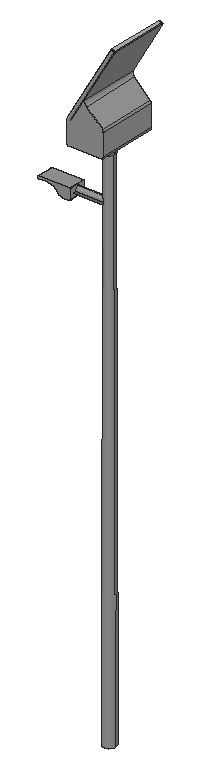
Revit family "Farola Solar Moon S negra", category Luminarias, Revit 2021
Family settings
  Cota de conector redondo = Diámetro de uso
  Tipo de pieza = Normal
  Se basa en plano de trabajo = No
  Siempre vertical = Sí
  Corte con vacíos al cargar = No
  Origen de luz = No
  Compartido = Sí
  Punto de cálculo de habitación = No
Parameters (values of type "Farola Olintu S pintura gris")
  URL producto = "https://ekiona.com/farolas-solares/serie-moon/"
  URL = "https://www.ekiona.com/"
  Teléfono de contacto = "(+34) 943 30 80 51"
  Keynote = ""
  Modelo = "Modelo Moon"
  Marcado CE = "SÍ"
  Garantía = "5 años"
  Gama de colores = "Blanco, Negro, Gris, Verde bosque, acero galvanizado"
  Gama de acabados = "Galvanizado, Fibra de vidrio, Aluminio"
  Fabricante = "Ekiona"
  Elevación por defecto = 2000 mm
  E-mail de contacto = "info@ekiona.com"
  Distancia inserto-columa = Altura columna planos - 136 mm  # 4864 mm
  Distancia brazo-final de columna = Altura columna planos - 500 mm  # 4500 mm
  Dirección = "Parque Tecnológico Miramón - Paseo Mikeletegi 56 - 20009 Donostia/San Sebastián"
  Descripción de la empresa = "Diseñamos, desarrollamos, fabricamos y comercializamos farolas solares que se adaptan a cualquier necesidad."
  Descripción = "Farola solar compacta y estética, la unión entre eficiencia y diseño"
  Clase eficiencia energética = "A++"
  Altura columna extremos = 5000 mm
  Altura columna planos = Altura columna extremos  # 5000 mm
Types (3, lengths in mm): name | URL producto | Modelo | Garantía | Gama de colores | Gama de acabados | Distancia inserto-columa | Distancia brazo-final de columna | Dirección | Descripción de la empresa | Descripción | Altura columna extremos | Altura columna planos
  (no name) | "https://ekiona.com/farolas-solares/serie-moon/" | "Modelo Moon" | "5 años" | "Blanco, Negro, Gris, Verde bosque, acero galvanizado" | "Galvanizado, Fibra de vidrio, Aluminio" | 4864 | 4500 | "Parque Tecnológico Miramón - Paseo Mikeletegi 56 - 20009 Donostia/San Sebastián" | "Diseñamos, desarrollamos, fabricamos y comercializamos farolas solares que se adaptan a cualquier necesidad." | "Farola solar compacta y estética, la unión entre eficiencia y diseño" | 5000 | 5000
  Farola Olintu S pintura blanca | "https://ekiona.com/farolas-solares/serie-olintu/" | "Modelo Olintu" | "2 años" | "" | "" | 3864 | 3500 | "" | "" | "Farola solar que combina diseño y eficencia" | 4000 | 4000
  Farola Olintu S pintura gris | "https://ekiona.com/farolas-solares/serie-moon/" | "Modelo Moon" | "5 años" | "Blanco, Negro, Gris, Verde bosque, acero galvanizado" | "Galvanizado, Fibra de vidrio, Aluminio" | 4864 | 4500 | "Parque Tecnológico Miramón - Paseo Mikeletegi 56 - 20009 Donostia/San Sebastián" | "Diseñamos, desarrollamos, fabricamos y comercializamos farolas solares que se adaptan a cualquier necesidad." | "Farola solar compacta y estética, la unión entre eficiencia y diseño" | 5000 | 5000
Reference planes
  plane 1 "Center (Front/Back)": y = 0
  plane 2: z = 0
  plane 3 "Center (Left/Right)": x = 0
  plane 4: z = 5000
  plane 5: z = 4500
Dimensions and locks
  "Altura columna planos": plane 2 to plane 4
  "Distancia brazo-final de columna": level to plane 5
  "Distancia inserto-columa": level to nested 3
  aligned and locked: level to plane 2
  aligned and locked: plane 5 to nested 2
Nested families
  nested 1: "Columna Moon S negra" at (5, 0, 0), Altura columna <- "Altura columna extremos", type "Columna 5m"
  nested 2: "Luminaria Moon S negra" at (5, 0, 4451.464), type "Luminaria 20W"
  nested 3: "Tolva Moon S negra" at (5, 340, 3524.796), type "Tolva Moon S negra"
Definition of nested family "Columna Moon S negra"
  Parameters (values of type "Columna 5m")
    Øsuperior columna = 88 mm
    Øinferior columna = 115 mm
    Material columna = none
    Default Elevation = 0 mm
    Altura columna [instance] = 5000 mm
  Types (3, lengths in mm): name | Øinferior columna | Altura columna
    Columna 5m | 115 | 5000
    Columna 4m | 105 | 4000
    Columna 3m | 115 | 3000
  Reference planes
    plane 1 "Center (Front/Back)": y = 0
    plane 2: z = 0
    plane 3 "Center (Left/Right)": x = 0
    plane 4: z = 5000
  Forms (mm)
    Blend 1, solid, material <- "Material columna"
      base sketch origin (0, 0, 0) x (1, 0, 0) y (0, 1, 0)
        loop
          circle (0.091, 0.421) r 57.5
      top sketch origin (0, 0, 0) x (1, 0, 0) y (0, 1, 0)
        loop
          circle (0.091, 0.421) r 44
      from 0 to 5000
  Dimensions and locks
    "Altura columna": plane 4 to level
    "Øinferior columna": diameter of Blend 1 sketch curve
    "Øsuperior columna": diameter of Blend 1 sketch curve
    aligned and locked: level to plane 2
    aligned and locked: plane 4 to Blend 1
  Automatic sketch dimensions
    plane 3 "Center (Left/Right)" to Blend 1 sketch curve = 0.091 mm  (x2)
    Blend 1 sketch curve to plane 1 "Center (Front/Back)" = 0.421 mm  (x2)
Definition of nested family "Luminaria Moon S negra"
  Parameters (values of type "Luminaria 50W")
    Tilt Angle = 70.00°
    built-in parameter 1010506 = 0.34907 (stored number, unit not read)
    built-in parameter 1010507 = 1.2217 (stored number, unit not read)
    Wattage = 50 W
    built-in parameter 1150107 = 3000 (stored number, unit not read)
    built-in parameter 1150110 = 1 (stored number, unit not read)
    built-in parameter 1150109 = 1 (stored number, unit not read)
    built-in parameter 1150112 = 1 (stored number, unit not read)
    built-in parameter 1150113 = 1 (stored number, unit not read)
    built-in parameter 1114218 = 1 (stored number, unit not read)
    built-in parameter 1150137 = (empty or 0)
    built-in parameter 1150132 = (empty or 0)
    Material luminaria = none
    Material brazo = none
    Material LED = none
    Light Source Symbol Length = 3048 mm
    built-in parameter 1150105 = 60769.7 (stored number, unit not read)
    built-in parameter 1150102 = (empty or 0)
    built-in parameter 1150106 = 607.7 (stored number, unit not read)
    Emit Shape Visible in Rendering = no
    Lumens = 8250 lm
    Color Filter = 16777215
    built-in parameter 1114217 = 0.7 (stored number, unit not read)
    built-in parameter 1150139 = (empty or 0)
    Default Elevation = 0 mm
    built-in parameter 1150104 = 15.329 (stored number, unit not read)
    Emit from Circle Diameter = 50 mm
    built-in parameter 1150115 = 1 (stored number, unit not read)
    built-in parameter 1150114 = 1 (stored number, unit not read)
    built-in parameter 1150138 = (empty or 0)
    built-in parameter 1150134 = (empty or 0)
    Dimming Lamp Color Temperature Shift = (empty or 0)
    built-in parameter 1150133 = 10 (stored number, unit not read)
  Types (4, lengths in mm): name | Wattage | built-in parameter 1150105 | built-in parameter 1150106 | Lumens
    Luminaria 30W | 30 W | 36461.8 (stored number, unit not read) | 364.62 (stored number, unit not read) | 4950 lm
    Luminaria 20W | 20 W | 24307.9 (stored number, unit not read) | 243.08 (stored number, unit not read) | 3300 lm
    Luminaria 40W | 40 W | 48615.8 (stored number, unit not read) | 486.16 (stored number, unit not read) | 6600 lm
    Luminaria 50W | 50 W | 60769.7 (stored number, unit not read) | 607.7 (stored number, unit not read) | 8250 lm
  Reference planes
    plane 1 "Center (Front/Back)": y = 0
    plane 2: z = 0
    plane 3 "Center (Left/Right)": x = 0
  Forms (mm)
    Revolve 1, solid, material <- "Material brazo"
      sketch origin (303.946, 1.989, 0) x (1, 0, 0) y (0, 1, 0)
        loop
          line (-608.495, 30) -> (-302.022, 30) -> (-302.022, 33.284) -> (-608.495, 33.284) -> (-608.495, 30)
        axis (-608.495, 0) -> (-302.022, 0)
      angle from 0 to 360
    Revolve 2, solid, material <- "Material LED"
      sketch origin (687.978, 0, -3.572) x (1, 0, 0) y (0, 0, 1)
        loop
          arc (-1192.369, 27.257) -> (-1185.047, 9.579) -> (-1167.369, 2.257) r 25
          line (-1167.369, 2.257) -> (-1167.369, 27.257) -> (-1192.369, 27.257)
        axis (-1167.369, 27.257) -> (-1167.369, 2.257)
      angle from 0 to 360
    Extrusion 3, solid, material <- "Material luminaria"
      sketch origin (238.457, 170, 0) x (1, 0, 0) y (0, 0, 1)
        loop
          arc (-530.557, 45) -> (-532.034, 47.059) -> (-534.093, 48.536) r 7.795
          line (-534.093, 48.536) -> (-819.093, 48.536)
          arc (-819.093, 48.536) -> (-830.585, 37.044) -> (-819.093, 25.552) r 11.492
          line (-819.093, 25.552) -> (-754.765, 25.552)
          arc (-754.765, 25.552) -> (-719.662, 20.455) -> (-685.221, 11.966) r 364.063
          arc (-685.221, 11.966) -> (-667.18, 1.896) -> (-655.103, -14.869) r 47.612
          arc (-655.103, -14.869) -> (-633.37, -40.263) -> (-603.441, -55.142) r 83.798
          arc (-603.441, -55.142) -> (-569.333, -56.37) -> (-535.764, -50.207) r 157.18
          arc (-535.764, -50.207) -> (-532.082, -48.682) -> (-530.557, -45) r 5.207
          line (-530.557, -45) -> (-530.557, 45)
      from 95.307 to 250
  Dimensions and locks
    aligned and locked: level to plane 2
Definition of nested family "Tolva Moon S negra"
  Parameters (values of type "Tolva Moon S gris")
    Model = "Tolva Olintu"
    Material inserto = none
    Material estructura base = none
    Manufacturer = "Ekiona"
    Default Elevation = 0 mm
    Ancho panel = 545 mm
  Reference planes
    plane 1 "Center (Front/Back)": y = 0
    plane 2: z = 0
    plane 3 "Center (Left/Right)": x = 0
    plane 4 "paralelo a vista izq": y = -337.5
    plane 5 "Plano 1": through (259.959, -25, 3493.187) normal (-0.5, 0, 0.866)
    plane 6: through (97.83, 0, 2130.088) normal (-0.866, 0, 0.5)
  Forms (mm)
    Revolve 1, solid, material <- "Material inserto"
      sketch origin (0, 0, -386.551) x (0, 1, 0) y (0, 0, 1)
        loop
          line (-287.5, 2035.827) -> (-287.5, 1725.755) -> (-284.5, 1725.755) -> (-284.5, 2035.827) -> (-287.5, 2035.827)
        axis (-337.5, 2035.827) -> (-337.5, 1725.755)
      angle from 0 to 360
    Extrusion 2, solid, not visible
      sketch origin (124.705, 0, 1465.982) x (1, 0, 0) y (0, 0, 1)
        loop
          line (25.298, 2103.034) -> (-292.965, 1551.785) -> (-241.004, 1521.785) -> (77.26, 2073.034) -> (25.298, 2103.034)
      from 70.047 to 615.047
    Extrusion 3, void, not visible
      sketch origin (-63.196, 0, 1140.322) x (1, 0, 0) y (0, 0, 1)
        loop
          line (224.128, 2422.685) -> (236.948, 2349.979) -> (276.798, 2419.002) -> (224.128, 2422.685)
      from 0 to 675
    Extrusion 4, void, not visible
      sketch origin (124.705, 0, 1465.982) x (1, 0, 0) y (0, 0, 1)
        loop
          line (-212.839, 1570.569) -> (-289.787, 1549.95) -> (-300.47, 1528.787) -> (-231.188, 1488.787) -> (-191.188, 1558.069) -> (-212.839, 1570.569)
      from 0 to 675
    Extrusion 5, solid, not visible
      sketch origin (-63.252, 0, 1140.601) x (1, 0, 0) y (0, 0, 1)
        loop
          line (212.635, 2427.51) -> (224.709, 2420.539) -> (237.206, 2349.669) -> (152.052, 2202.179) -> (153.752, 2201.197) -> (239.192, 2349.183) -> (226.372, 2421.888) -> (213.635, 2429.242) -> (212.635, 2427.51)
      from 70.047 to 615.047
    Extrusion 6, solid, not visible
      sketch origin (124.679, 0, 1466.114) x (1, 0, 0) y (0, 0, 1)
        loop
          line (-35.879, 1876.666) -> (-212.705, 1570.395) -> (-289.813, 1549.734) -> (-293.065, 1551.612) -> (-294.068, 1549.876) -> (-290.068, 1547.567) -> (-211.46, 1568.63) -> (-34.182, 1875.686) -> (-35.879, 1876.666)
      from 70.047 to 615.047
    Extrusion 7, solid, not visible
      sketch origin (124.769, 0, 1465.921) x (1, 0, 0) y (0, 0, 1)
        loop
          line (-292.965, 1551.785) -> (25.035, 2102.578) -> (-5.276, 2120.078) -> (-323.276, 1569.285) -> (-292.965, 1551.785)
      from 70.047 to 615.047
    Extrusion 8, void, not visible
      sketch origin (-1013.482, -34.1, 1392.821) x (0, 1, 0) y (0.5, 0, 0.866025)
        loop
          line (-463.861, 2321.81) -> (-416.148, 2321.81)
          arc (-416.148, 2321.81) -> (-419.48, 2339.286) -> (-430.409, 2353.323) r 37.954
          arc (-430.409, 2353.323) -> (-445.409, 2358.568) -> (-460.409, 2353.323) r 24.073
          arc (-460.409, 2353.323) -> (-471.433, 2339.075) -> (-474.645, 2321.349) r 37.954
          arc (-474.645, 2321.349) -> (-473.167, 2312.913) -> (-469.836, 2305.024) r 37.954
          arc (-469.836, 2305.024) -> (-441.562, 2289.96) -> (-416.017, 2309.293) r 29.744
          line (-416.017, 2309.293) -> (-423.962, 2312.74)
          arc (-423.962, 2312.74) -> (-442.617, 2300.75) -> (-461.255, 2312.766) r 20.484
          arc (-461.255, 2312.766) -> (-462.888, 2317.193) -> (-463.861, 2321.81) r 32.425
        loop
          line (-462.861, 2331.038) -> (-427.861, 2331.038)
          arc (-427.861, 2331.038) -> (-445.361, 2348.538) -> (-462.861, 2331.038) r 17.5
        loop
          line (-407.152, 2354.99) -> (-407.152, 2299.99)
          arc (-407.152, 2299.99) -> (-401.908, 2294.747) -> (-396.665, 2299.99) r 5.244
          line (-396.665, 2299.99) -> (-396.665, 2315.008) -> (-387.196, 2324.476) -> (-367.121, 2295.806)
          arc (-367.121, 2295.806) -> (-360.158, 2294.578) -> (-358.93, 2301.542) r 5
          line (-358.93, 2301.542) -> (-380.016, 2331.656) -> (-362.339, 2349.334)
          arc (-362.339, 2349.334) -> (-362.339, 2357.323) -> (-370.328, 2357.323) r 5.649
          line (-370.328, 2357.323) -> (-396.665, 2330.986) -> (-396.665, 2354.99)
          arc (-396.665, 2354.99) -> (-401.908, 2360.234) -> (-407.152, 2354.99) r 5.244
        loop
          line (-345.695, 2330.348) -> (-345.695, 2298.296)
          arc (-345.695, 2298.296) -> (-340.695, 2293.296) -> (-335.695, 2298.296) r 5
          line (-335.695, 2298.296) -> (-335.695, 2330.348)
          arc (-335.695, 2330.348) -> (-340.695, 2335.348) -> (-345.695, 2330.348) r 5
        loop
          arc (-313.958, 2351.943) -> (-322.635, 2348.932) -> (-329.497, 2355.038) r 9.076
          arc (-329.497, 2355.038) -> (-336.449, 2361.579) -> (-345.695, 2359.211) r 9.903
          arc (-345.695, 2359.211) -> (-348.682, 2355.086) -> (-349.922, 2350.147) r 13.45
          arc (-349.922, 2350.147) -> (-346.706, 2343.243) -> (-339.177, 2342.089) r 8.071
          arc (-339.177, 2342.089) -> (-335.695, 2342.685) -> (-332.214, 2342.089) r 10.463
          arc (-332.214, 2342.089) -> (-327.031, 2338.208) -> (-325.061, 2332.04) r 10.635
          arc (-325.061, 2332.04) -> (-262.525, 2310.202) -> (-313.958, 2351.943) r 33.621
        loop
          line (-250.357, 2353.481) -> (-250.357, 2298.481)
          arc (-250.357, 2298.481) -> (-243.625, 2291.749) -> (-236.893, 2298.481) r 6.732
          line (-236.893, 2298.481) -> (-236.893, 2343.466)
          arc (-236.893, 2343.466) -> (-229.971, 2349.019) -> (-221.459, 2351.529) r 22.933
          arc (-221.459, 2351.529) -> (-212.902, 2347.984) -> (-209.357, 2339.427) r 12.102
          line (-209.357, 2339.427) -> (-209.357, 2298.481)
          arc (-209.357, 2298.481) -> (-203.024, 2292.148) -> (-196.691, 2298.481) r 6.333
          line (-196.691, 2298.481) -> (-196.691, 2339.905)
          arc (-196.691, 2339.905) -> (-198.028, 2347.169) -> (-201.863, 2353.481) r 20.404
          arc (-201.863, 2353.481) -> (-219.569, 2360.932) -> (-237.793, 2354.854) r 27.258
          arc (-237.793, 2354.854) -> (-244.69, 2359.8) -> (-250.357, 2353.481) r 6.357
        loop
          arc (-184.719, 2344.597) -> (-181.441, 2338.502) -> (-174.681, 2339.98) r 5.745
          arc (-174.681, 2339.98) -> (-169.693, 2349.593) -> (-159.36, 2352.836) r 14.106
          arc (-159.36, 2352.836) -> (-151.076, 2350.212) -> (-144.661, 2344.349) r 20.193
          line (-144.661, 2344.349) -> (-144.661, 2338.186)
          arc (-144.661, 2338.186) -> (-158.183, 2333.475) -> (-172.248, 2330.794) r 97.575
          arc (-172.248, 2330.794) -> (-181.869, 2326.808) -> (-185.855, 2317.187) r 13.607
          arc (-185.855, 2317.187) -> (-186.09, 2312.502) -> (-186.044, 2307.811) r 78.299
          arc (-186.044, 2307.811) -> (-182.313, 2300.899) -> (-176.154, 2296.024) r 19.471
          arc (-176.154, 2296.024) -> (-166.154, 2293.649) -> (-156.154, 2296.024) r 22.235
          arc (-156.154, 2296.024) -> (-150.683, 2299.242) -> (-145.676, 2303.144) r 48.757
          line (-145.676, 2303.144) -> (-145.676, 2297.176)
          arc (-145.676, 2297.176) -> (-140.801, 2292.301) -> (-135.926, 2297.176) r 4.875
          line (-135.926, 2297.176) -> (-135.926, 2347.483)
          arc (-135.926, 2347.483) -> (-140.108, 2354.143) -> (-146.491, 2358.739) r 20.503
          arc (-146.491, 2358.739) -> (-158.534, 2361.376) -> (-170.577, 2358.739) r 28.822
          arc (-170.577, 2358.739) -> (-178.914, 2352.934) -> (-184.719, 2344.597) r 28.822
        loop
          arc (-144.661, 2330.676) -> (-156.177, 2325.488) -> (-168.693, 2323.785) r 44.019
          arc (-168.693, 2323.785) -> (-173.358, 2321.852) -> (-175.29, 2317.187) r 6.598
          arc (-175.29, 2317.187) -> (-175.527, 2313.145) -> (-175.29, 2309.103) r 34.669
          arc (-175.29, 2309.103) -> (-173.729, 2305.335) -> (-169.961, 2303.774) r 5.329
          arc (-169.961, 2303.774) -> (-163.465, 2302.436) -> (-156.969, 2303.774) r 16.436
          arc (-156.969, 2303.774) -> (-150.056, 2308.034) -> (-144.661, 2314.101) r 27.926
          line (-144.661, 2314.101) -> (-144.661, 2330.676)
      from -19.407 to 3
    Revolve 9, solid, not visible
      sketch origin (0, 0, 1241.412) x (0, 1, 0) y (0, 0, 1)
        loop
          line (-287.5, 2035.827) -> (-287.5, 1725.755) -> (-284.5, 1725.755) -> (-284.5, 2035.827) -> (-287.5, 2035.827)
        axis (-337.5, 2035.827) -> (-337.5, 1725.755)
      angle from 0 to 360
    Extrusion 10, solid, not visible
      sketch origin (128.943, 0, 6.927) x (1, 0, 0) y (0, 0, 1)
        loop
          line (25.298, 2103.034) -> (-292.965, 1551.785) -> (-241.004, 1521.785) -> (77.26, 2073.034) -> (25.298, 2103.034)
      from 70.047 to 615.047
    Extrusion 11, solid, not visible
      sketch origin (-59.014, 0, -318.454) x (1, 0, 0) y (0, 0, 1)
        loop
          line (212.635, 2427.51) -> (224.709, 2420.539) -> (237.206, 2349.669) -> (152.052, 2202.179) -> (153.752, 2201.197) -> (239.192, 2349.183) -> (226.372, 2421.888) -> (213.635, 2429.242) -> (212.635, 2427.51)
      from 70.047 to 615.047
    Extrusion 12, solid, not visible
      sketch origin (128.918, 0, 7.059) x (1, 0, 0) y (0, 0, 1)
        loop
          line (-35.879, 1876.666) -> (-212.705, 1570.395) -> (-289.813, 1549.734) -> (-293.065, 1551.612) -> (-294.068, 1549.876) -> (-290.068, 1547.567) -> (-211.46, 1568.63) -> (-34.182, 1875.686) -> (-35.879, 1876.666)
      from 70.047 to 615.047
    Revolve 13, solid, not visible
      sketch origin (0, 0, -217.643) x (0, 1, 0) y (0, 0, 1)
        loop
          line (-287.5, 2035.827) -> (-287.5, 1725.755) -> (-284.5, 1725.755) -> (-284.5, 2035.827) -> (-287.5, 2035.827)
        axis (-337.5, 2035.827) -> (-337.5, 1725.755)
      angle from 0 to 360
    Extrusion 14, solid
      sketch origin (106.298, 0, 251.777) x (1, 0, 0) y (0, 0, 1)
        loop
          line (160.132, 2120.334) -> (134.151, 2135.334) -> (-268.349, 1438.184) -> (-242.368, 1423.184) -> (160.132, 2120.334)
      from 72.309 to 613.86
    Extrusion 15, solid, material <- "Material estructura base"
      sketch origin (0, 0, 0) x (1, 0, 0) y (0, 0, 1)
        loop
          arc (147.315, 1456.297) -> (160.446, 1461.736) -> (165.885, 1474.867) r 18.569
          line (165.885, 1474.867) -> (165.885, 1674.867)
          arc (165.885, 1674.867) -> (163.765, 1685.3) -> (157.744, 1694.079) r 26.74
          line (157.744, 1694.079) -> (12.787, 1839.036)
          arc (12.787, 1839.036) -> (-0.782, 1863.06) -> (0, 1890.64) r 51.489
          line (0, 1890.64) -> (275.091, 2367.111) -> (244.78, 2384.611) -> (-167.647, 1670.268)
          arc (-167.647, 1670.268) -> (-169.408, 1662.657) -> (-170, 1654.867) r 51.572
          line (-170, 1654.867) -> (-170, 1477.511)
          arc (-170, 1477.511) -> (-163.787, 1462.511) -> (-148.787, 1456.297) r 21.213
          line (-148.787, 1456.297) -> (147.315, 1456.297)
      from 70.047 to 615.047
  Dimensions and locks
    Revolve 1 sketch curve to Revolve 1 sketch curve = 50 mm
    Revolve 1 sketch curve to Revolve 1 sketch curve = 53 mm
    Revolve 13 sketch curve to Revolve 13 sketch curve = 50 mm
    Revolve 13 sketch curve to Revolve 13 sketch curve = 53 mm
    Extrusion 15 to Extrusion 14 = 805 mm
    aligned and locked: level to plane 2
